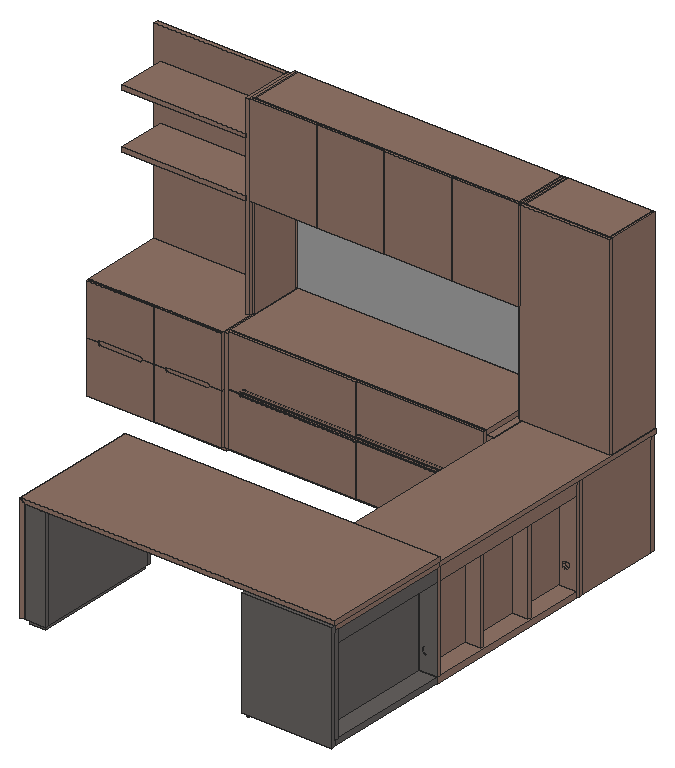
Revit family "T100046", category Furniture, Revit 2022 (continued)
Definition of nested family "OFS SLATE OVERLAY WORK TABLE HEIGHT ADJUSTABLE"
  Types (12): name | Width | Type | Right | Left | Description | Model | Depth
    OVERLAY WORK TABLE HEIGHT ADJUSTABLE 72W x 36D Right | 6' - 0" | 2 | yes | no | "OFS CAROLINA SLATE Overlay Worktable height adjustable 72w x 36d Right" | "CA-A7236WKHAR-2" | 3' - 0"
    OVERLAY WORK TABLE HEIGHT ADJUSTABLE 72W x 30D Right | 6' - 0" | 2 | yes | no | "OFS CAROLINA SLATE Overlay Worktable height adjustable 72w x 30d Right" | "CA-A7230WKHAR-2" | 2' - 6"
    OVERLAY WORK TABLE HEIGHT ADJUSTABLE 66W x 30D Right | 5' - 6" | 2 | yes | no | "OFS CAROLINA SLATE Overlay Worktable height adjustable 66w x 30d Right" | "CA-A6630WKHAR-2" | 2' - 6"
    OVERLAY WORK TABLE HEIGHT ADJUSTABLE 60W x 30D Right | 5' - 0" | 2 | yes | no | "OFS CAROLINA SLATE Overlay Worktable height adjustable 60w x 30d Right" | "CA-A6030WKHAR-2" | 2' - 6"
    OVERLAY WORK TABLE HEIGHT ADJUSTABLE 84W x 36D Left | 7' - 0" | 1 | no | yes | "OFS CAROLINA SLATE Overlay Worktable height adjustable 84w x 36d Left" | "CA-A8436WKHAL-2" | 3' - 0"
    OVERLAY WORK TABLE HEIGHT ADJUSTABLE 78W x 36D Left | 6' - 6" | 1 | no | yes | "OFS CAROLINA SLATE Overlay Worktable height adjustable 78w x 36d Left" | "CA-A7836WKHAL-2" | 3' - 0"
    OVERLAY WORK TABLE HEIGHT ADJUSTABLE 72W x 36D Left | 6' - 0" | 1 | no | yes | "OFS CAROLINA SLATE Overlay Worktable height adjustable 72w x 36d Left" | "CA-A7236WKHAL-2" | 3' - 0"
    OVERLAY WORK TABLE HEIGHT ADJUSTABLE 72W x 30D Left | 6' - 0" | 1 | no | yes | "OFS CAROLINA SLATE Overlay Worktable height adjustable 72w x 30d Left" | "CA-A7230WKHAL-2" | 2' - 6"
    OVERLAY WORK TABLE HEIGHT ADJUSTABLE 66W x 30D Left | 5' - 6" | 1 | no | yes | "OFS CAROLINA SLATE Overlay Worktable height adjustable 66w x 30d Left" | "CA-A6630WKHAL-2" | 2' - 6"
    OVERLAY WORK TABLE HEIGHT ADJUSTABLE 60W x 30D Left | 5' - 0" | 1 | no | yes | "OFS CAROLINA SLATE Overlay Worktable height adjustable 60w x 30d Left" | "CA-A6030WKHAL-2" | 2' - 6"
  Reference planes (in)
    plane 1 "Center (Front/Back)": y = 0
    plane 2: z = 0
    plane 3 "Center (Left/Right)": x = 0
    plane 4 "rrr": through (-2.45771, -5.50063, 16.56517) normal (0.0223, 0.0194, 0.9996)
    plane 5: y = -1.1875
    plane 6 "Front Face": y = -30
    plane 7: x = -66
    plane 8: x = 66
    plane 9: x = -33
    plane 10: x = 33
    plane 11: z = 30.3875
    plane 12 "Base 2": z = 1.7
    plane 13 "Base 1": z = 0.45
    plane 14 "Left Side Base L": x = -61.9375
    plane 15 "Right Side Base R": x = 61.9375
    plane 16 "RLO": x = -2.5
    plane 17 "LLO": x = 2.5
    plane 18 "RLI": x = -22.5
    plane 19 "LLI": x = 22.5
    plane 20: z = 29.2
    plane 21: x = -59.0625
    plane 22: x = 59.0625
    plane 23: y = -29.1875
    plane 24: y = -1.9375
  Forms (in)
    Extrusion 1, solid, material <- "Worksurface", visible <- "Left"
      sketch origin (0, -30, 0) x (1, 0, 0) y (0, 0, 1)
        loop
          line (-64.8125, 29.2) -> (-65.78722, 30.17472)
          arc (-65.78722, 30.17472) -> (-65.92305, 30.20173) -> (-66, 30.08658) r 0.12464
          line (-66, 30.08658) -> (-66, 1.7) -> (-64.8125, 1.7) -> (-64.8125, 29.2)
      from 0 to -28.8125
    Extrusion 2, solid, material <- "Panel", visible <- "Left"
      sketch origin (0, 0, 1.7) x (-1, 0, 0) y (0, -1, 0)
        loop
          line (64.8125, 1.1875) -> (64.8125, 1.9375) -> (59.0625, 1.9375) -> (59.0625, 1.1875) -> (64.8125, 1.1875)
        loop
          line (64.8125, 29.9375) -> (59.0625, 29.9375) -> (59.0625, 29.1875) -> (64.8125, 29.1875) -> (64.8125, 29.9375)
      from 0 to 27.5
    Extrusion 3, solid, material <- "Panel", visible <- "Left"
      sketch origin (0, 0, 1.7) x (-1, 0, 0) y (0, -1, 0)
        loop
          line (59.8125, 1.9375) -> (59.8125, 29.1875) -> (59.0625, 29.1875) -> (59.0625, 1.9375) -> (59.8125, 1.9375)
        loop
          line (64.0625, 1.9375) -> (64.8125, 1.9375) -> (64.8125, 29.1875) -> (64.0625, 29.1875) -> (64.0625, 1.9375)
      from 0 to 27.5
    Extrusion 4, solid, material <- "Panel", visible <- "Left"
      sketch origin (0, 0, 0.45) x (-1, 0, 0) y (0, -1, 0)
        loop
          line (64.0625, 1.9375) -> (64.0625, 29.1875) -> (59.8125, 29.1875) -> (59.8125, 1.9375) -> (64.0625, 1.9375)
      from 0 to 1.25
    Revolve 5, solid, material <- "Feet", visible <- "Left"
      sketch origin (-61.9375, 0, 0) x (0, -1, 0) y (0, 0, 1)
        loop
          line (28.21262, 0.45) -> (27.92395, 0.45) -> (27.92395, 0) -> (28.16895, 0)
          arc (28.16895, 0) -> (28.29705, 0.10784) -> (28.21262, 0.25244) r 0.13
          line (28.21262, 0.25244) -> (28.21262, 0.45)
        axis (27.92395, 0) -> (27.92395, 0.45)
      angle from 0 to 360
    Revolve 6, solid, material <- "Feet", visible <- "Left"
      sketch origin (-61.9375, 0, 0) x (0, -1, 0) y (0, 0, 1)
        loop
          line (3.20105, 0) -> (3.44605, 0)
          arc (3.44605, 0) -> (3.57415, 0.10784) -> (3.48973, 0.25244) r 0.13
          line (3.48973, 0.25244) -> (3.48973, 0.45) -> (3.20105, 0.45) -> (3.20105, 0)
        axis (3.20105, 0) -> (3.20105, 0.45)
      angle from 0 to 360
    Extrusion 7, solid, material <- "Panel", visible <- "Left"
      sketch origin (0, 0, 0.45) x (-1, 0, 0) y (0, -1, 0)
        loop
          line (24, 0) -> (24, 1.1875) -> (0, 1.1875) -> (0, 0) -> (24, 0)
      from 0 to 28.75
    Extrusion 8, solid, material <- "Worksurface", visible <- "Left"
      sketch origin (0, -30, 0) x (1, 0, 0) y (0, 0, 1)
        loop
          line (-24, 29.2) -> (-24, 28.0125) -> (0, 28.0125) -> (0, 29.2) -> (-24, 29.2)
      from 0 to -28.8125
    Extrusion 9, solid, material <- "Worksurface", visible <- "Left"
      sketch origin (0, -30, 0) x (1, 0, 0) y (0, 0, 1)
        loop
          line (0, 30.3875) -> (-65.69771, 30.3875)
          arc (-65.69771, 30.3875) -> (-65.8134, 30.3102) -> (-65.78625, 30.17375) r 0.12521
          line (-65.78625, 30.17375) -> (-64.8125, 29.2) -> (0, 29.2) -> (0, 30.3875)
      from 0 to -28.8125
    Revolve 10, solid, material <- "Feet", visible <- "Left"
      sketch origin (-22.5, 0, 0) x (0, -1, 0) y (0, 0, 1)
        loop
          line (0.59375, 0) -> (0.83875, 0)
          arc (0.83875, 0) -> (0.96685, 0.10784) -> (0.88243, 0.25244) r 0.13
          line (0.88243, 0.25244) -> (0.88243, 0.45) -> (0.59375, 0.45) -> (0.59375, 0)
        axis (0.59375, 0) -> (0.59375, 0.45)
      angle from 0 to 360
    Revolve 11, solid, material <- "Feet", visible <- "Left"
      sketch origin (-2.5, 1.45549, 0) x (0, -1, 0) y (0, 0, 1)
        loop
          line (4.16929, 0) -> (4.41429, 0)
          arc (4.41429, 0) -> (4.54239, 0.10784) -> (4.45797, 0.25244) r 0.13
          line (4.45797, 0.25244) -> (4.45797, 0.45) -> (4.16929, 0.45) -> (4.16929, 0)
        axis (4.16929, 0) -> (4.16929, 0.45)
      angle from 0 to 360
    Revolve 12, solid, material <- "Feet", visible <- "Left"
      sketch origin (-2.5, 4.13067, 0) x (0, -1, 0) y (0, 0, 1)
        loop
          line (32.89304, 0.45) -> (32.60436, 0.45) -> (32.60436, 0) -> (32.84936, 0)
          arc (32.84936, 0) -> (32.97746, 0.10784) -> (32.89304, 0.25244) r 0.13
          line (32.89304, 0.25244) -> (32.89304, 0.45)
        axis (32.60436, 0) -> (32.60436, 0.45)
      angle from 0 to 360
    Extrusion 13, solid, material <- "Panel", visible <- "Left"
      sketch origin (0, 0, 1.7) x (-1, 0, 0) y (0, -1, 0)
        loop
          line (5, 1.9375) -> (0, 1.9375) -> (0, 1.1875) -> (5, 1.1875) -> (5, 1.9375)
        loop
          line (5, 29.25) -> (5, 30) -> (0, 30) -> (0, 29.25) -> (5, 29.25)
      from 0.25 to 26.3125
    Extrusion 14, solid, material <- "Panel", visible <- "Left"
      sketch origin (0, -30, 0) x (1, 0, 0) y (0, 0, 1)
        loop
          line (-5.74928, 27.26248) -> (-5.74928, 1.7) -> (-5, 1.7) -> (-5, 27.26248) -> (-5.74928, 27.26248)
      from -0.0625 to -28.8125
    Extrusion 15, solid, material <- "Panel", visible <- "Left"
      sketch origin (0, -30, 0) x (1, 0, 0) y (0, 0, 1)
        loop
          line (-0.75, 28.0125) -> (-0.75, 24.7625) -> (0, 24.7625) -> (0, 28.0125) -> (-0.75, 28.0125)
      from -0.75 to -28.0625
    Extrusion 16, solid, material <- "Panel", visible <- "Left"
      sketch origin (0, 0, 0.45) x (-1, 0, 0) y (0, -1, 0)
        loop
          line (5, 1.1875) -> (5, 30) -> (0, 30) -> (0, 1.1875) -> (5, 1.1875)
      from 0 to 1.5
    Revolve 17, solid, material <- "Feet", visible <- "Right"
      sketch origin (61.9375, 0, 0) x (0, -1, 0) y (0, 0, 1)
        loop
          line (28.21262, 0.45) -> (27.92395, 0.45) -> (27.92395, 0) -> (28.16895, 0)
          arc (28.16895, 0) -> (28.29705, 0.10784) -> (28.21262, 0.25244) r 0.13
          line (28.21262, 0.25244) -> (28.21262, 0.45)
        axis (27.92395, 0) -> (27.92395, 0.45)
      angle from 0 to 360
    Revolve 18, solid, material <- "Feet", visible <- "Right"
      sketch origin (61.9375, 0, 0) x (0, -1, 0) y (0, 0, 1)
        loop
          line (3.20105, 0) -> (3.44605, 0)
          arc (3.44605, 0) -> (3.57415, 0.10784) -> (3.48973, 0.25244) r 0.13
          line (3.48973, 0.25244) -> (3.48973, 0.45) -> (3.20105, 0.45) -> (3.20105, 0)
        axis (3.20105, 0) -> (3.20105, 0.45)
      angle from 0 to 360
    Revolve 19, solid, material <- "Feet", visible <- "Right"
      sketch origin (22.5, 0, 0) x (0, -1, 0) y (0, 0, 1)
        loop
          line (0.59375, 0) -> (0.83875, 0)
          arc (0.83875, 0) -> (0.96685, 0.10784) -> (0.88243, 0.25244) r 0.13
          line (0.88243, 0.25244) -> (0.88243, 0.45) -> (0.59375, 0.45) -> (0.59375, 0)
        axis (0.59375, 0) -> (0.59375, 0.45)
      angle from 0 to 360
    Extrusion 20, solid, material <- "Worksurface", visible <- "Right"
      sketch origin (0, -30, 0) x (-1, 0, 0) y (0, 0, -1)
        loop
          line (-64.8125, -29.2) -> (-64.8125, -1.7) -> (-66, -1.7) -> (-66, -30.08658)
          arc (-66, -30.08658) -> (-65.92305, -30.20173) -> (-65.78722, -30.17472) r 0.12464
          line (-65.78722, -30.17472) -> (-64.8125, -29.2)
      from 0 to -28.8125
    Revolve 21, solid, material <- "Feet", visible <- "Right"
      sketch origin (2.5, 0, 0) x (0, 1, 0) y (0, 0, 1)
        loop
          line (-2.71381, 0) -> (-2.71381, 0.45) -> (-3.00248, 0.45) -> (-3.00248, 0.25244)
          arc (-3.00248, 0.25244) -> (-3.0869, 0.10784) -> (-2.95881, 0) r 0.13
          line (-2.95881, 0) -> (-2.71381, 0)
        axis (-2.71381, 0) -> (-2.71381, 0.45)
      angle from 0 to 360
    Revolve 22, solid, material <- "Feet", visible <- "Right"
      sketch origin (2.5, 0, 0) x (0, 1, 0) y (0, 0, 1)
        loop
          line (-28.76237, 0.45) -> (-28.76237, 0.25244)
          arc (-28.76237, 0.25244) -> (-28.84679, 0.10784) -> (-28.71869, 0) r 0.13
          line (-28.71869, 0) -> (-28.47369, 0) -> (-28.47369, 0.45) -> (-28.76237, 0.45)
        axis (-28.47369, 0) -> (-28.47369, 0.45)
      angle from 0 to 360
    Extrusion 23, solid, material <- "Panel", visible <- "Right"
      sketch origin (0, 0, 0.45) x (1, 0, 0) y (0, 1, 0)
        loop
          line (24, 0) -> (0, 0) -> (0, -1.1875) -> (24, -1.1875) -> (24, 0)
      from 0 to 28.75
    Extrusion 24, solid, material <- "Panel", visible <- "Right"
      sketch origin (0, -30, 0) x (-1, 0, 0) y (0, 0, -1)
        loop
          line (-0.75, -28.0125) -> (0, -28.0125) -> (0, -24.7625) -> (-0.75, -24.7625) -> (-0.75, -28.0125)
      from -0.75 to -28.0625
    Extrusion 25, solid, material <- "Panel", visible <- "Right"
      sketch origin (0, -30, 0) x (-1, 0, 0) y (0, 0, -1)
        loop
          line (-5.74928, -27.26248) -> (-5, -27.26248) -> (-5, -1.7) -> (-5.74928, -1.7) -> (-5.74928, -27.26248)
      from -0.0625 to -28.8125
    Extrusion 26, solid, material <- "Worksurface", visible <- "Right"
      sketch origin (0, -30, 0) x (-1, 0, 0) y (0, 0, -1)
        loop
          line (-24, -29.2) -> (0, -29.2) -> (0, -28.0125) -> (-24, -28.0125) -> (-24, -29.2)
      from 0 to -28.8125
    Extrusion 27, solid, material <- "Panel", visible <- "Right"
      sketch origin (0, 0, 1.7) x (1, 0, 0) y (0, 1, 0)
        loop
          line (5, -1.9375) -> (5, -1.1875) -> (0, -1.1875) -> (0, -1.9375) -> (5, -1.9375)
        loop
          line (5, -29.25) -> (0, -29.25) -> (0, -30) -> (5, -30) -> (5, -29.25)
      from 0.25 to 26.3125
    Extrusion 28, solid, material <- "Panel", visible <- "Right"
      sketch origin (0, 0, 1.7) x (1, 0, 0) y (0, 1, 0)
        loop
          line (59.8125, -1.9375) -> (59.0625, -1.9375) -> (59.0625, -29.1875) -> (59.8125, -29.1875) -> (59.8125, -1.9375)
        loop
          line (64.0625, -1.9375) -> (64.0625, -29.1875) -> (64.8125, -29.1875) -> (64.8125, -1.9375) -> (64.0625, -1.9375)
      from 0 to 27.5
    Extrusion 29, solid, material <- "Panel", visible <- "Right"
      sketch origin (0, 0, 1.7) x (1, 0, 0) y (0, 1, 0)
        loop
          line (64.8125, -1.1875) -> (59.0625, -1.1875) -> (59.0625, -1.9375) -> (64.8125, -1.9375) -> (64.8125, -1.1875)
        loop
          line (64.8125, -29.9375) -> (64.8125, -29.1875) -> (59.0625, -29.1875) -> (59.0625, -29.9375) -> (64.8125, -29.9375)
      from 0 to 27.5
    Extrusion 30, solid, material <- "Worksurface", visible <- "Right"
      sketch origin (0, -30, 0) x (-1, 0, 0) y (0, 0, -1)
        loop
          line (0, -30.3875) -> (0, -29.2) -> (-64.8125, -29.2) -> (-65.78625, -30.17375)
          arc (-65.78625, -30.17375) -> (-65.8134, -30.3102) -> (-65.69771, -30.3875) r 0.12521
          line (-65.69771, -30.3875) -> (0, -30.3875)
      from 0 to -28.8125
    Extrusion 31, solid, material <- "Panel", visible <- "Right"
      sketch origin (0, 0, 0.45) x (1, 0, 0) y (0, 1, 0)
        loop
          line (5, -1.1875) -> (0, -1.1875) -> (0, -30) -> (5, -30) -> (5, -1.1875)
      from 0 to 1.5
    Extrusion 32, solid, material <- "Panel", visible <- "Right"
      sketch origin (0, 0, 0.45) x (1, 0, 0) y (0, 1, 0)
        loop
          line (64.0625, -1.9375) -> (59.8125, -1.9375) -> (59.8125, -29.1875) -> (64.0625, -29.1875) -> (64.0625, -1.9375)
      from 0 to 1.25
  Lines and regions (in)
    Masking region 1, visible <- "Left"
      outline origin (0, 0, 0) x (1, 0, 0) y (0, 1, 0)
        loop
          line (-66, -30) -> (0, -30) -> (0, 0) -> (-24, 0) -> (-24, -1.1875) -> (-66, -1.1875) -> (-66, -30)
    Masking region 2, visible <- "Right"
      outline origin (0, 0, 0) x (0, 1, 0) y (-1, 0, 0)
        loop
          line (-30, -66) -> (-1.1875, -66) -> (-1.1875, -24) -> (0, -24) -> (0, 0) -> (-30, 0) -> (-30, -66)
    symbolic lines, visible <- "Left", detail levels medium+fine
      curve 1: line (-24, -1.1875, 0) -> (0, -1.1875, 0)
    symbolic lines, visible <- "Right", detail levels medium+fine
      curve 2: line (24, -1.1875, 0) -> (0, -1.1875, 0)
  Dimensions and locks (in)
    "Width": plane 7 to plane 3 "Center (Left/Right)"
    equal spacing: plane 7, plane 9, plane 3 "Center (Left/Right)"
    "Width": plane 3 "Center (Left/Right)" to plane 8
    equal spacing: plane 3 "Center (Left/Right)", plane 10, plane 8
    "Depth": plane 6 "Front Face" to plane 1 "Center (Front/Back)"
    locked: plane 6 "Front Face" to plane 23 at 0.8125
    plane 7 to plane 14 "Left Side Base L" to plane 21 = 0' - 4 1/16" locked, 0' - 2 7/8" locked
    plane 22 to plane 15 "Right Side Base R" to plane 8 = 0' - 2 7/8" locked, 0' - 4 1/16" locked
    locked: plane 11 to plane 20 at 1.1875
    locked: plane 20 to Extrusion 8 sketch curve at 1.1875
    locked: plane 20 to Extrusion 26 sketch curve at 1.1875
    aligned and locked: level to plane 2
    aligned and locked: Extrusion 1 sketch curve to plane 7
    aligned and locked: plane 6 "Front Face" to Extrusion 1
    aligned and locked: plane 5 to Extrusion 1
    aligned and locked: Extrusion 2 sketch curve to plane 5
    aligned and locked: Extrusion 2 sketch curve to plane 21
    aligned and locked: plane 21 to Extrusion 2 sketch curve
    aligned and locked: plane 24 to Extrusion 2 sketch curve
    aligned and locked: Extrusion 2 sketch curve to plane 23
    aligned and locked: plane 24 to Extrusion 3 sketch curve
    aligned and locked: Extrusion 3 sketch curve to plane 24
    aligned and locked: Extrusion 3 sketch curve to plane 21
    aligned and locked: plane 23 to Extrusion 3 sketch curve
    aligned and locked: Extrusion 3 sketch curve to plane 23
    aligned and locked: Extrusion 2 to plane 12 "Base 2"
    aligned and locked: plane 20 to Extrusion 2
    aligned and locked: Extrusion 3 to plane 12 "Base 2"
    aligned and locked: plane 20 to Extrusion 3
    aligned and locked: Extrusion 4 sketch curve to plane 24
    aligned and locked: Extrusion 4 sketch curve to plane 23
    aligned and locked: plane 12 "Base 2" to Extrusion 4
    aligned and locked: Extrusion 4 to plane 13 "Base 1"
    aligned and locked: Revolve 6 sketch curve to plane 13 "Base 1"
    aligned and locked: plane 2 to Revolve 6 sketch curve
    aligned and locked: plane 5 to Extrusion 7 sketch curve
    aligned and locked: plane 1 "Center (Front/Back)" to Extrusion 7 sketch curve
    aligned and locked: Extrusion 7 sketch curve to plane 3 "Center (Left/Right)"
    aligned and locked: Extrusion 7 to plane 13 "Base 1"
    aligned and locked: Extrusion 8 sketch curve to plane 3 "Center (Left/Right)"
    aligned and locked: Extrusion 8 sketch curve to plane 20
    aligned and locked: Extrusion 8 to plane 6 "Front Face"
    aligned and locked: plane 5 to Extrusion 8
    aligned and locked: Extrusion 9 sketch curve to plane 3 "Center (Left/Right)"
    aligned and locked: Extrusion 9 to plane 6 "Front Face"
    aligned and locked: plane 5 to Extrusion 9
    aligned and locked: Revolve 11 sketch curve to plane 13 "Base 1"
    aligned and locked: plane 2 to Revolve 11 sketch curve
    aligned and locked: plane 13 "Base 1" to Revolve 12 sketch curve
    aligned and locked: Revolve 12 sketch curve to plane 2
    aligned and locked: Extrusion 13 sketch curve to plane 3 "Center (Left/Right)"
    aligned and locked: Extrusion 13 sketch curve to plane 6 "Front Face"
    aligned and locked: Extrusion 13 sketch curve to plane 24
    aligned and locked: plane 3 "Center (Left/Right)" to Extrusion 13 sketch curve
    aligned and locked: plane 5 to Extrusion 13 sketch curve
    aligned and locked: plane 12 "Base 2" to Extrusion 14 sketch curve
    aligned and locked: plane 5 to Extrusion 14
    aligned and locked: Extrusion 15 sketch curve to plane 3 "Center (Left/Right)"
    aligned and locked: plane 24 to Extrusion 15
    aligned and locked: Extrusion 16 sketch curve to plane 5
    aligned and locked: Extrusion 16 sketch curve to plane 3 "Center (Left/Right)"
    aligned and locked: Extrusion 16 sketch curve to plane 6 "Front Face"
    aligned and locked: Extrusion 16 to plane 13 "Base 1"
    aligned and locked: plane 7 to Masking region 1 sketch curve
    aligned and locked: plane 6 "Front Face" to Masking region 1 sketch curve
    aligned and locked: plane 3 "Center (Left/Right)" to Masking region 1 sketch curve
    aligned and locked: plane 5 to Masking region 1 sketch curve
    aligned and locked: Masking region 1 sketch curve to plane 1 "Center (Front/Back)"
    aligned and locked: Masking region 1 sketch curve to Extrusion 7
    aligned and locked: Extrusion 7 to curve 1
    aligned and locked: plane 3 "Center (Left/Right)" to curve 1
    aligned and locked: curve 1 to plane 5
    aligned and locked: nested 1 to plane 6 "Front Face"
    aligned and locked: plane 9 to nested 1
    aligned and locked: plane 3 "Center (Left/Right)" to Masking region 2 sketch curve
    aligned and locked: Masking region 2 sketch curve to plane 6 "Front Face"
    aligned and locked: Masking region 2 sketch curve to plane 8
    aligned and locked: Masking region 2 sketch curve to plane 5
    aligned and locked: plane 1 "Center (Front/Back)" to Masking region 2 sketch curve
    aligned and locked: plane 8 to Extrusion 20 sketch curve
    aligned and locked: plane 12 "Base 2" to Extrusion 20 sketch curve
    aligned and locked: plane 20 to Extrusion 20 sketch curve
    aligned and locked: plane 6 "Front Face" to Extrusion 20
    aligned and locked: plane 5 to Extrusion 20
    aligned and locked: Extrusion 23 sketch curve to plane 3 "Center (Left/Right)"
    aligned and locked: Extrusion 23 sketch curve to plane 5
    aligned and locked: Extrusion 23 sketch curve to plane 1 "Center (Front/Back)"
    aligned and locked: plane 24 to Extrusion 24
    aligned and locked: Extrusion 24 to Extrusion 13
    aligned and locked: Extrusion 15 to Extrusion 13
    aligned and locked: plane 5 to Extrusion 25
    aligned and locked: Extrusion 14 to Extrusion 25
    aligned and locked: plane 5 to Extrusion 26
    aligned and locked: plane 6 "Front Face" to Extrusion 26
    aligned and locked: Extrusion 26 to Extrusion 23
    aligned and locked: plane 3 "Center (Left/Right)" to Extrusion 27 sketch curve
    aligned and locked: Extrusion 27 sketch curve to Extrusion 25  (x2)
    aligned and locked: Extrusion 27 sketch curve to plane 5
    aligned and locked: plane 24 to Extrusion 27 sketch curve
    aligned and locked: Extrusion 27 sketch curve to plane 3 "Center (Left/Right)"
    aligned and locked: plane 6 "Front Face" to Extrusion 27 sketch curve
    aligned and locked: Extrusion 28 sketch curve to plane 24
    aligned and locked: plane 24 to Extrusion 28 sketch curve
    aligned and locked: plane 22 to Extrusion 28 sketch curve
    aligned and locked: Extrusion 20 to Extrusion 28 sketch curve
    aligned and locked: plane 23 to Extrusion 28 sketch curve
    aligned and locked: Extrusion 28 sketch curve to plane 23
    aligned and locked: plane 5 to Extrusion 29 sketch curve
    aligned and locked: Extrusion 29 sketch curve to plane 24
    aligned and locked: plane 23 to Extrusion 29 sketch curve
    aligned and locked: Extrusion 29 sketch curve to Extrusion 28
    aligned and locked: Extrusion 29 sketch curve to plane 22
    aligned and locked: plane 22 to Extrusion 29 sketch curve
    aligned and locked: plane 5 to Extrusion 30
    aligned and locked: plane 6 "Front Face" to Extrusion 30
    aligned and locked: Extrusion 30 sketch curve to plane 3 "Center (Left/Right)"
    aligned and locked: plane 11 to Extrusion 30 sketch curve
    aligned and locked: plane 20 to Extrusion 30 sketch curve
    aligned and locked: Extrusion 9 to plane 11
    aligned and locked: Extrusion 9 to plane 20
    aligned and locked: Extrusion 9 to Extrusion 1
    aligned and locked: Extrusion 13 to Extrusion 8
    aligned and locked: Extrusion 27 to Extrusion 26
    aligned and locked: plane 20 to Extrusion 29
    aligned and locked: plane 20 to Extrusion 28
    aligned and locked: Extrusion 9 sketch curve to plane 11
    aligned and locked: plane 20 to Extrusion 8
    aligned and locked: plane 20 to Extrusion 9 sketch curve
    aligned and locked: plane 20 to Extrusion 7
    aligned and locked: plane 20 to Extrusion 23
    aligned and locked: plane 5 to Extrusion 31 sketch curve
    aligned and locked: plane 6 "Front Face" to Extrusion 31 sketch curve
    aligned and locked: Extrusion 31 sketch curve to plane 3 "Center (Left/Right)"
    aligned and locked: plane 24 to Extrusion 32 sketch curve
    aligned and locked: plane 23 to Extrusion 32 sketch curve
    aligned and locked: plane 12 "Base 2" to Extrusion 32
    aligned and locked: plane 10 to nested 2
    aligned and locked: plane 6 "Front Face" to nested 2
    aligned and locked: Extrusion 23 to plane 5
    aligned and locked: curve 2 to Extrusion 23
    aligned and locked: Extrusion 23 to plane 1 "Center (Front/Back)"
    aligned and locked: plane 5 to Masking region 2
    aligned and locked: plane 6 "Front Face" to Masking region 2
    aligned and locked: Extrusion 30 to plane 3 "Center (Left/Right)"
  Automatic sketch dimensions
    Extrusion 3 sketch curve to plane 21 = 0' - 0 3/4"
    Extrusion 3 sketch curve to plane 7 = 0' - 1 15/16"
    Extrusion 3 sketch curve to Extrusion 3 sketch curve = 0' - 0 3/4"
    Extrusion 4 sketch curve to plane 21 = 0' - 0 3/4"
    Extrusion 4 sketch curve to plane 7 = 0' - 1 15/16"
    plane 18 "RLI" to Extrusion 7 sketch curve = 0' - 1 1/2"
    plane 18 "RLI" to Extrusion 8 sketch curve = 0' - 1 1/2"
    plane 16 "RLO" to Extrusion 16 sketch curve = 0' - 2 1/2"
    Extrusion 31 sketch curve to plane 17 "LLO" = 0' - 2 1/2"
    plane 22 to Extrusion 32 sketch curve = 0' - 0 3/4"
    plane 8 to Extrusion 32 sketch curve = 0' - 1 15/16"
    Extrusion 1 sketch curve to plane 12 "Base 2" = 0' - 0"
    Extrusion 1 sketch curve to plane 20 = 0' - 0"
    Extrusion 1 sketch curve to Extrusion 1 sketch curve = 0' - 0.12464"
    Extrusion 1 sketch curve to Extrusion 1 sketch curve = 0' - 0.08814"
    Extrusion 1 sketch curve to plane 7 = 0' - 1 3/16"
    plane 11 to Extrusion 1 sketch curve = 0' - 0.30092"
    Extrusion 2 sketch curve to plane 7 = 0' - 1 3/16"  (x2)
    Extrusion 2 sketch curve to plane 6 "Front Face" = 0' - 0 1/16"
    Revolve 5 sketch curve to plane 13 "Base 1" = 0' - 0"  (x2)
    Revolve 5 sketch curve to level = 0' - 0"  (x2)
    Revolve 5 sketch curve to plane 23 = 0' - 1.26355"
    level to Revolve 5 sketch curve = 0' - 0.13"
    Revolve 5 sketch curve to Revolve 5 sketch curve = 0' - 0.245"
    Revolve 5 sketch curve to Revolve 5 sketch curve = 0' - 0.28868"
    Revolve 5 sketch curve to Revolve 5 sketch curve = 0' - 0"
    Revolve 6 sketch curve to level = 0' - 0"
    Revolve 6 sketch curve to plane 13 "Base 1" = 0' - 0"
    Revolve 6 sketch curve to plane 24 = 0' - 1.26355"
    level to Revolve 6 sketch curve = 0' - 0.13"
    Revolve 6 sketch curve to Revolve 6 sketch curve = 0' - 0.245"
    Revolve 6 sketch curve to Revolve 6 sketch curve = 0' - 0.28868"
    Revolve 6 sketch curve to Revolve 6 sketch curve = 0' - 0"
    Extrusion 9 sketch curve to plane 7 = 0' - 1 3/16"
    Extrusion 9 sketch curve to plane 7 = 0' - 0.30229"
    Extrusion 9 sketch curve to Extrusion 9 sketch curve = 0' - 0.08854"
    plane 11 to Extrusion 9 sketch curve = 0' - 0.21375"
    Revolve 10 sketch curve to level = 0' - 0"  (x2)
    Revolve 10 sketch curve to plane 13 "Base 1" = 0' - 0"  (x2)
    plane 1 "Center (Front/Back)" to Revolve 10 sketch curve = 0' - 0 19/32"
    level to Revolve 10 sketch curve = 0' - 0.13"
    Revolve 10 sketch curve to Revolve 10 sketch curve = 0' - 0.245"
    Revolve 10 sketch curve to Revolve 10 sketch curve = 0' - 0.28868"
    Revolve 10 sketch curve to Revolve 10 sketch curve = 0' - 0"
    Revolve 11 sketch curve to level = 0' - 0"
    Revolve 11 sketch curve to plane 13 "Base 1" = 0' - 0"
    Revolve 11 sketch curve to plane 24 = 0' - 0.77631"
    level to Revolve 11 sketch curve = 0' - 0.13"
    Revolve 11 sketch curve to Revolve 11 sketch curve = 0' - 0.245"
    Revolve 11 sketch curve to Revolve 11 sketch curve = 0' - 0.28868"
    Revolve 11 sketch curve to Revolve 11 sketch curve = 0' - 0"
    Revolve 12 sketch curve to plane 13 "Base 1" = 0' - 0"
    Revolve 12 sketch curve to level = 0' - 0"
    Revolve 12 sketch curve to plane 23 = 0' - 0.71381"
    level to Revolve 12 sketch curve = 0' - 0.13"
    Revolve 12 sketch curve to Revolve 12 sketch curve = 0' - 0.245"
    Revolve 12 sketch curve to Revolve 12 sketch curve = 0' - 0.28868"
    Revolve 12 sketch curve to Revolve 12 sketch curve = 0' - 0"
    plane 16 "RLO" to Extrusion 13 sketch curve = 0' - 2 1/2"  (x2)
    plane 23 to Extrusion 13 sketch curve = 0' - 0 1/16"
    plane 16 "RLO" to Extrusion 14 sketch curve = 0' - 3.24928"
    Extrusion 14 sketch curve to Extrusion 14 sketch curve = 0' - 0.74928"
    Extrusion 14 sketch curve to plane 20 = 0' - 1.93752"
    Extrusion 15 sketch curve to plane 3 "Center (Left/Right)" = 0' - 0 3/4"
    Extrusion 15 sketch curve to plane 20 = 0' - 4 7/16"
    Extrusion 15 sketch curve to plane 20 = 0' - 1 3/16"
    Revolve 17 sketch curve to plane 13 "Base 1" = 0' - 0"  (x2)
    Revolve 17 sketch curve to level = 0' - 0"  (x2)
    plane 23 to Revolve 17 sketch curve = 0' - 1.26355"
    Revolve 17 sketch curve to level = 0' - 0.13"
    Revolve 17 sketch curve to Revolve 17 sketch curve = 0' - 0.245"
    Revolve 17 sketch curve to Revolve 17 sketch curve = 0' - 0.28868"
    Revolve 17 sketch curve to Revolve 17 sketch curve = 0' - 0"
    Revolve 18 sketch curve to level = 0' - 0"  (x2)
    Revolve 18 sketch curve to plane 13 "Base 1" = 0' - 0"  (x2)
    plane 24 to Revolve 18 sketch curve = 0' - 1.26355"
    Revolve 18 sketch curve to level = 0' - 0.13"
    Revolve 18 sketch curve to Revolve 18 sketch curve = 0' - 0.245"
    Revolve 18 sketch curve to Revolve 18 sketch curve = 0' - 0.28868"
    Revolve 18 sketch curve to Revolve 18 sketch curve = 0' - 0"
    Revolve 19 sketch curve to level = 0' - 0"  (x2)
    Revolve 19 sketch curve to plane 13 "Base 1" = 0' - 0"  (x2)
    plane 1 "Center (Front/Back)" to Revolve 19 sketch curve = 0' - 0 19/32"
    level to Revolve 19 sketch curve = 0' - 0.13"
    Revolve 19 sketch curve to Revolve 19 sketch curve = 0' - 0.245"
    Revolve 19 sketch curve to Revolve 19 sketch curve = 0' - 0.28868"
    Revolve 19 sketch curve to Revolve 19 sketch curve = 0' - 0"
    Masking region 2 sketch curve to plane 19 "LLI" = 0' - 1 1/2"
    Extrusion 20 sketch curve to Extrusion 20 sketch curve = 0' - 0.12464"
    Extrusion 20 sketch curve to Extrusion 20 sketch curve = 0' - 0.08814"
    Extrusion 20 sketch curve to Extrusion 20 sketch curve = 0' - 1 3/16"
    Extrusion 20 sketch curve to plane 11 = 0' - 0.30092"
    Revolve 21 sketch curve to plane 13 "Base 1" = 0' - 0"  (x2)
    Revolve 21 sketch curve to level = 0' - 0"  (x2)
    Revolve 21 sketch curve to plane 24 = 0' - 1.06498"
    Revolve 21 sketch curve to Revolve 21 sketch curve = 0' - 0.04367"
    Revolve 21 sketch curve to Revolve 21 sketch curve = 0' - 0.28868"
    Revolve 21 sketch curve to Revolve 21 sketch curve = 0' - 0.13"
    Revolve 21 sketch curve to Revolve 21 sketch curve = 0' - 0"
    Revolve 22 sketch curve to plane 13 "Base 1" = 0' - 0"  (x2)
    Revolve 22 sketch curve to level = 0' - 0"  (x2)
    Revolve 22 sketch curve to plane 23 = 0' - 0.42513"
    Revolve 22 sketch curve to Revolve 22 sketch curve = 0' - 0.04368"
    Revolve 22 sketch curve to Revolve 22 sketch curve = 0' - 0.245"
    level to Revolve 22 sketch curve = 0' - 0.13"
    Revolve 22 sketch curve to Revolve 22 sketch curve = 0' - 0"
    plane 19 "LLI" to Extrusion 23 sketch curve = 0' - 1 1/2"
    Extrusion 24 sketch curve to plane 3 "Center (Left/Right)" = 0' - 0"
    Extrusion 24 sketch curve to plane 3 "Center (Left/Right)" = 0' - 0 3/4"
    plane 20 to Extrusion 24 sketch curve = 0' - 4 7/16"
    plane 20 to Extrusion 24 sketch curve = 0' - 1 3/16"
    Extrusion 25 sketch curve to plane 12 "Base 2" = 0' - 0"
    Extrusion 25 sketch curve to plane 17 "LLO" = 0' - 3.24928"
    Extrusion 25 sketch curve to Extrusion 25 sketch curve = 0' - 0.74928"
    plane 20 to Extrusion 25 sketch curve = 0' - 1.93752"
    Extrusion 26 sketch curve to plane 20 = 0' - 0"
    Extrusion 26 sketch curve to plane 3 "Center (Left/Right)" = 0' - 0"
    plane 19 "LLI" to Extrusion 26 sketch curve = 0' - 1 1/2"
    Extrusion 27 sketch curve to plane 23 = 0' - 0 1/16"
    Extrusion 28 sketch curve to Extrusion 28 sketch curve = 0' - 0 3/4"  (x2)
    plane 8 to Extrusion 29 sketch curve = 0' - 1 3/16"
    plane 6 "Front Face" to Extrusion 29 sketch curve = 0' - 0 1/16"
    plane 8 to Extrusion 30 sketch curve = 0' - 1 3/16"
    plane 8 to Extrusion 30 sketch curve = 0' - 0.30229"
    Extrusion 30 sketch curve to Extrusion 30 sketch curve = 0' - 0.08854"
    Extrusion 30 sketch curve to plane 11 = 0' - 0.21375"
  Nested families (in)
    nested 1: "Tag" at (-33, -30, 0) x (-1, 0, 0) z (0, 0, 1), visible <- "Left", type "Center", detail levels fine
      with Offset (LR) 0' - 0", Distance of Center (not Change) 0' - 0.11"
    nested 2: "Tag" at (33, -30, 0), visible <- "Right", type "Center", detail levels fine
      with Offset (LR) 0' - 0", Distance of Center (not Change) 0' - 0.11"
  Definition of nested family "Tag"
    Parameters
      P_Width = 0' - 0"
      Text_Width = "Empty"
      Text_Height = "Empty"
      Text_Diameter = "Empty"
      Text_Depth = "Empty"
      Offset (LR) [instance] = 0' - 0"
      Model Name = "EK-7168-E"
      P_Height = 0' - 0"
      Distance of Center (not Change) = 0' - 0"
      P_Diameter = 0' - 0"
      P_Depth = 0' - 0"
    Reference planes (in)
      plane 1: y = 0
      plane 2: x = 0
    Lines and regions (in)
      reference lines
        curve 1: line (-0.44359, 0, 0) -> (0.41085, 0, 0)
        curve 3: line (0, 0.32564, 0) -> (0, -0.40221, 0)
      reference lines, not visible
        curve 2: line (-0.44359, 0.09843, 0) -> (0.41085, 0.09843, 0)
        curve 4: line (0, 0.42407, 0) -> (0, -0.30379, 0)
    Text (in)
      label "Empty" at (0.00197, -0.0079, 0), shows "Model Name"
      label "Empty" at (0.00197, 0.09052, 0), shows "Model Name", not visible
    Dimensions and locks (in)
      "Distance of Center (not Change)": plane 1 to curve 1
      "Offset (LR)": curve 3 to plane 2
    Automatic sketch dimensions
      curve 1 to curve 3 = 0' - 0.44359"
      curve 3 to curve 1 = 0' - 0.41085"
      curve 3 to curve 1 = 0' - 0.40221"
      curve 1 to curve 3 = 0' - 0.32564"
      curve 2 to curve 4 = 0' - 0.44359"
      curve 4 to curve 2 = 0' - 0.41085"
      curve 4 to curve 2 = 0' - 0.40221"
      curve 2 to curve 4 = 0' - 0.32564"
Definition of nested family "OFS_Slate Private Office_Worksurface_Storage_Cabinet"
  Parameters (values of type "OFS_Slate Private Office_Worksurface_Storage_Cabinet")
    Width = 1' - 6"
    URL = "http://www.ofsbrands.com/"
    Top [instance] = none
    Single Door = yes
    Right = no
    Panel [instance] = none
    Model = "Type Catalog"
    Manufacturer = "OFS BRANDS"  # constant formula
    Left = yes
    Height = 3' - 4"
    Elevation [instance] = 2' - 5 1/4"
    Door [instance] = none
    Double Doors = no
    Doors = or(Double Doors, Left)  # yes
    Description = "Type Catalog"
    Depth = 1' - 3"
    Default Elevation = 0' - 0"
    Copyright © = "© 2016 OFS BRANDS"  # constant formula
    Catalog = "OFS"  # constant formula
    Case [instance] = none
    Base [instance] = none
    Back [instance] = none
    Authoring Version = "Autodesk Revit Architecture 2014"  # constant formula
    Assembly Code = "E2020200"
  Reference planes (in)
    plane 1 "Center (Front/Back)": y = 0
    plane 2: z = 0
    plane 3 "Center (Left/Right)": x = 0
    plane 4: x = 18
    plane 5: x = 9
    plane 6: z = 29.3125
    plane 7: z = 29.25
    plane 8: z = 68.6875
    plane 9: z = 30
    plane 10: z = 68.75
    plane 11: z = 68
    plane 12: z = 69.25
  Dimensions and locks (in)
    "Width": plane 3 "Center (Left/Right)" to plane 4
    equal spacing: plane 3 "Center (Left/Right)", plane 5, plane 4
    plane 12 to plane 10 to plane 8 to plane 11 = 0' - 0 1/2" locked, 0' - 0 1/16" locked, 0' - 0 11/16" locked
    plane 9 to plane 6 to plane 7 = 0' - 0 11/16" locked, 0' - 0 1/16" locked
    "Height": plane 12 to plane 7
    "Elevation": plane 7 to level
    equal spacing: nested 2, nested 4, plane 3 "Center (Left/Right)"
    aligned and locked: level to plane 2
    aligned and locked: nested 3 to nested 1
    aligned and locked: plane 5 to nested 3
    aligned and locked: nested 4 to nested 3
  Nested families (in)
    nested 1: "OFS_Slate Private Office_Worksurface_Storage_Cabinet" at (0, 0, 0), visible <- "Doors", Top <- "Top", Panel <- "Panel", Drawers <- "Door", Case <- "Case", Base <- "Base", Back <- "Back", Elevation <- "Elevation", Double Doors <- "Double Doors", Left <- "Left", type "OFS_Slate Private Office_Worksurface_Storage_Cabinet"
      with Top none, Single Door yes, Right no, Panel none, Left yes, Elevation 2' - 5 1/4", Drawers none, Double Doors no, Case none, Base none, Back none
    nested 2: "OFS_Slate Private Office_Worksurface_Storage_Cabinet" at (0, 0, 0) x (-1, 0, 0) z (0, 0, 1), visible <- "Right", Top <- "Top", Panel <- "Panel", Drawers <- "Door", Case <- "Case", Base <- "Base", Back <- "Back", Elevation <- "Elevation", type "OFS_Slate Private Office_Worksurface_Storage_Cabinet"
      with Top none, Single Door yes, Right no, Panel none, Left yes, Elevation 2' - 5 1/4", Drawers none, Double Doors no, Case none, Base none, Back none
    nested 3: "Tag" at (9, -18, 0) x (-1, 0, 0) z (0, 0, 1), visible <- "Doors", type "Center", detail levels fine
      with Offset (LR) 0' - 0"
    nested 4: "Tag" at (-9, -18, 0), visible <- "Right", type "Center", detail levels fine
      with Offset (LR) 0' - 0"
  Definition of nested family "OFS_Slate Private Office_Worksurface_Storage_Cabinet"
    Parameters
      Width = 1' - 6"
      URL = "http://www.ofsbrands.com/"
      Top [instance] = none
      Single Door [instance] = yes
      Right [instance] = no
      Panel [instance] = none
      Model = "Type Catalog"
      Manufacturer = "OFS BRANDS"  # constant formula
      Left [instance] = yes
      Height = 3' - 4"
      Elevation [instance] = 2' - 5 1/4"
      Drawers [instance] = none
      Double Doors [instance] = no
      Description = "Type Catalog"
      Depth = 1' - 3"
      Default Elevation = 0' - 0"
      Copyright © = "© 2016 OFS BRANDS"  # constant formula
      Catalog = "OFS"  # constant formula
      Case [instance] = none
      Base [instance] = none
      Back [instance] = none
      Authoring Version = "Autodesk Revit Architecture 2014"  # constant formula
      Assembly Code = "E2020200"
    Reference planes (in)
      plane 1 "Center (Front/Back)": y = 0
      plane 2: z = 0
      plane 3 "Center (Left/Right)": x = 0
      plane 4: x = 0.75
      plane 5: x = 17.25
      plane 6: x = 18
      plane 7: x = 17.9375
      plane 8: x = 0.0625
      plane 9: x = 9
      plane 10: y = -0.75
      plane 11: y = -18
      plane 12: y = -15.10681
      plane 13: y = -14.35681
      plane 14: y = -14.25
      plane 15: z = 29.3125
      plane 16: z = 29.25
      plane 17: z = 68.6875
      plane 18: z = 30
      plane 19: z = 68.75
      plane 20: z = 68
      plane 21: z = 69.25
      plane 22: y = -15
    Forms (in)
      Extrusion 1, solid, material <- "Case"
        sketch origin (0, 0, 0) x (1, 0, 0) y (0, 0, 1)
          loop
            line (0, 68.75) -> (0, 29.25) -> (0.75, 29.25) -> (0.75, 68.75) -> (0, 68.75)
          loop
            line (17.25, 68.75) -> (17.25, 29.25) -> (18, 29.25) -> (18, 68.75) -> (17.25, 68.75)
        from 0 to 14.25
      Extrusion 2, solid, material <- "Drawers", visible <- "Double Doors"
        sketch origin (-3.04745, -15.10681, 47.24409) x (-1, 0, 0) y (0, 0, 1)
          loop
            line (-11.98495, 21.44341) -> (-11.98495, -17.9316) -> (-3.10995, -17.9316) -> (-3.10995, 21.44341) -> (-11.98495, 21.44341)
          loop
            line (-12.10995, 21.44341) -> (-20.98495, 21.44341) -> (-20.98495, -17.9316) -> (-12.10995, -17.9316) -> (-12.10995, 21.44341)
        from 0 to 0.75
      Extrusion 3, solid, material <- "Drawers", visible <- "Single Door"
        sketch origin (-3.04745, -15.10681, 47.24409) x (-1, 0, 0) y (0, 0, 1)
          loop
            line (-3.10995, 21.44341) -> (-20.98495, 21.44341) -> (-20.98495, -17.9316) -> (-3.10995, -17.9316) -> (-3.10995, 21.44341)
        from 0 to 0.75
      Extrusion 4, solid, material <- "Back"
        sketch origin (59.59592, -60, 29.25) x (0, -1, 0) y (-1, 0, 0)
          loop
            line (-60, 58.84592) -> (-60, 42.34592) -> (-59.25, 42.34592) -> (-59.25, 58.84592) -> (-60, 58.84592)
        from 0 to -38.75
      Extrusion 5, solid, material <- "Top"
        sketch origin (-3.04745, -14.25, 47.24409) x (-1, 0, 0) y (0, 0, 1)
          loop
            line (-3.79745, 20.7559) -> (-3.79745, 21.5059) -> (-20.29745, 21.5059) -> (-20.29745, 20.7559) -> (-3.79745, 20.7559)
        from 0 to 14.25
      Extrusion 6, solid, material <- "Base"
        sketch origin (-3.04745, -14.25, 47.24409) x (-1, 0, 0) y (0, 0, 1)
          loop
            line (-3.79745, -17.24409) -> (-20.29745, -17.24409) -> (-20.29745, -17.99409) -> (-3.79745, -17.99409) -> (-3.79745, -17.24409)
        from 0 to 13.5
    Lines and regions (in)
      Masking region 1
        outline origin (-58.79662, -60, 68.75) x (-1, 0, 0) y (0, -1, 0)
          loop
            line (-58.79662, -60) -> (-58.79662, -44.89319) -> (-76.79662, -44.89319) -> (-76.79662, -60) -> (-58.79662, -60)
      symbolic lines, visible <- "Left", detail levels medium+fine
        curve 1: line (0, -15.10681, 68.75) -> (18, -18, 68.75)
        curve 3: line (18, -18, 68.75) -> (18, -15.10681, 68.75)
      symbolic lines, detail levels medium+fine
        curve 2: line (18, -15.10681, 68.75) -> (0, -15.10681, 68.75)
      symbolic lines, visible <- "Right", detail levels medium+fine
        curve 4: line (0, -18, 68.75) -> (18, -15.10681, 68.75)
        curve 5: line (0, -15.10681, 68.75) -> (0, -18, 68.75)
      symbolic lines, visible <- "Double Doors", detail levels medium+fine
        curve 6: line (0, -15.10681, 68.75) -> (9, -18, 68.75)
        curve 7: line (18, -15.10681, 68.75) -> (9, -18, 68.75)
    Dimensions and locks (in)
      locked: plane 10 to plane 1 "Center (Front/Back)" at 0.75
      plane 14 to plane 13 to plane 22 to plane 12 to plane 11 = 0' - 0.10681" locked, 0' - 0.64319" locked, 0' - 0.10681" locked, 0' - 2.89319" locked
      plane 3 "Center (Left/Right)" to plane 8 to plane 4 = 0' - 0 1/16" locked, 0' - 0 11/16" locked
      plane 5 to plane 7 to plane 6 = 0' - 0 11/16" locked, 0' - 0 1/16" locked
      "Width": plane 3 "Center (Left/Right)" to plane 6
      equal spacing: plane 3 "Center (Left/Right)", plane 9, plane 6
      plane 21 to plane 19 to plane 17 to plane 20 = 0' - 0 1/2" locked, 0' - 0 1/16" locked, 0' - 0 11/16" locked
      plane 18 to plane 15 to plane 16 = 0' - 0 11/16" locked, 0' - 0 1/16" locked
      "Height": plane 21 to plane 16
      "Elevation": plane 16 to level
      Extrusion 2 sketch curve to plane 9 to Extrusion 2 sketch curve = 0' - 0 1/16" locked, 0' - 0 1/16" locked
      "Depth": plane 1 "Center (Front/Back)" to plane 22
      aligned and locked: level to plane 2
      aligned and locked: Extrusion 1 sketch curve to plane 19  (x2)
      aligned and locked: plane 3 "Center (Left/Right)" to Extrusion 1 sketch curve
      aligned and locked: Extrusion 1 sketch curve to plane 16  (x2)
      aligned and locked: Extrusion 1 sketch curve to plane 4
      aligned and locked: Extrusion 1 sketch curve to plane 5
      aligned and locked: Extrusion 1 sketch curve to plane 6
      aligned and locked: Extrusion 1 to plane 14
      aligned and locked: Extrusion 2 sketch curve to plane 17
      aligned and locked: plane 15 to Extrusion 2 sketch curve
      aligned and locked: plane 17 to Extrusion 2 sketch curve
      aligned and locked: Extrusion 2 sketch curve to plane 15
      aligned and locked: Extrusion 2 sketch curve to plane 7
      aligned and locked: Extrusion 3 sketch curve to Extrusion 2  (x3)
      aligned and locked: Extrusion 3 sketch curve to plane 17
      aligned and locked: Extrusion 2 to plane 13
      aligned and locked: Extrusion 4 sketch curve to Extrusion 1
      aligned and locked: Extrusion 1 to Extrusion 4 sketch curve
      aligned and locked: plane 10 to Extrusion 4 sketch curve
      aligned and locked: plane 5 to Extrusion 4 sketch curve
      aligned and locked: Extrusion 4 to plane 20
      aligned and locked: Extrusion 5 sketch curve to Extrusion 4  (x2)
      aligned and locked: Extrusion 1 to Extrusion 5 sketch curve  (x2)
      aligned and locked: Extrusion 6 sketch curve to plane 18
      aligned and locked: Extrusion 6 sketch curve to plane 4
      aligned and locked: Extrusion 6 sketch curve to Extrusion 4
      aligned and locked: Extrusion 6 sketch curve to Extrusion 1
      aligned and locked: plane 10 to Extrusion 6
      aligned and locked: Extrusion 5 to plane 1 "Center (Front/Back)"
      aligned and locked: Extrusion 5 to plane 14
      aligned and locked: Masking region 1 sketch curve to Extrusion 1  (x3)
      aligned and locked: plane 12 to Masking region 1 sketch curve
      aligned and locked: plane 12 to curve 1
      aligned and locked: plane 11 to curve 1
      aligned and locked: curve 3 to plane 6
      aligned and locked: plane 12 to curve 4
      aligned and locked: curve 4 to plane 3 "Center (Left/Right)"
      aligned and locked: plane 11 to curve 4
      aligned and locked: Extrusion 3 to plane 13
      aligned and locked: curve 6 to plane 9
      aligned and locked: plane 3 "Center (Left/Right)" to curve 6
      aligned and locked: plane 6 to curve 7
    Automatic sketch dimensions
      Extrusion 2 sketch curve to plane 8 = 0' - 0"
      plane 11 to curve 6 = 0' - 0"
  Definition of nested family "Tag"
    Parameters
      P_Width = 0' - 0"
      Text_Width = "Empty"
      Text_Height = "Empty"
      Text_Diameter = "Empty"
      Text_Depth = "Empty"
      Offset (LR) [instance] = 0' - 0"
      Model Name = "Type Catalog"
      P_Height = 0' - 0"
      Distance of Center (not Change) = 0' - 0.1"
      P_Diameter = 0' - 0"
      P_Depth = 0' - 0"
    Reference planes (in)
      plane 1: y = 0
      plane 2: x = 0
    Lines and regions (in)
      reference lines
        curve 1: line (-0.44359, 0.1, 0) -> (0.41085, 0.1, 0)
        curve 3: line (0, 0.42564, 0) -> (0, -0.30221, 0)
      reference lines, not visible
        curve 2: line (-0.44359, 0.09843, 0) -> (0.41085, 0.09843, 0)
        curve 4: line (0, 0.42407, 0) -> (0, -0.30379, 0)
    Text (in)
      label "Empty" at (0.00197, 0.0921, 0), shows "Model Name"
      label "Empty" at (0.00197, 0.09052, 0), shows "Model Name", not visible
    Dimensions and locks (in)
      "Distance of Center (not Change)": plane 1 to curve 1
      "Offset (LR)": curve 3 to plane 2
    Automatic sketch dimensions
      curve 1 to curve 3 = 0' - 0.44359"
      curve 3 to curve 1 = 0' - 0.41085"
      curve 3 to curve 1 = 0' - 0.40221"
      curve 1 to curve 3 = 0' - 0.32564"
      curve 2 to curve 4 = 0' - 0.44359"
      curve 4 to curve 2 = 0' - 0.41085"
      curve 4 to curve 2 = 0' - 0.40221"
      curve 2 to curve 4 = 0' - 0.32564"
Definition of nested family "OFS_Slate Private Office_Storage_Modular_Cabinet"
  Parameters (values of type "OFS_Slate Private Office_Storage_Modular_Cabinet")
    Width = 2' - 6"
    URL = "http://www.ofsbrands.com/"
    Description = "Type Catalog"
    Model = "Type Catalog"
    Manufacturer = "OFS BRANDS"  # constant formula
    Default Elevation = 0' - 0"
    Copyright © = "© 2016 OFS BRANDS"  # constant formula
    Catalog = "OFS"  # constant formula
    Authoring Version = "Autodesk Revit Architecture 2014"  # constant formula
    Assembly Code = "E2020200"
    Top Cabinet [instance] = none
  Reference planes (in)
    plane 1 "Center (Front/Back)": y = 0
    plane 2: z = 0
    plane 3 "Center (Left/Right)": x = 0
    plane 4 "rrr": through (-2.45771, -5.50063, 16.56517) normal (0.0223, 0.0194, 0.9996)
    plane 5: x = 30
    plane 6: y = -24
    plane 7: z = 29.25
    plane 8: z = 28.0625
    plane 9: x = 15
  Forms (in)
    Extrusion 1, solid, material <- "Top Cabinet"
      sketch origin (0, 0, 0) x (0, 1, 0) y (0, 0, 1)
        loop
          line (0, 29.25) -> (-24, 29.25) -> (-24, 28.0625) -> (0, 28.0625) -> (0, 29.25)
      from 0 to 30
  Lines and regions (in)
    Masking region 1
      outline origin (0, 0, 0) x (1, 0, 0) y (0, 1, 0)
        loop
          line (0, 0) -> (0, -24) -> (30, -24) -> (30, 0) -> (0, 0)
  Dimensions and locks (in)
    "Width": plane 3 "Center (Left/Right)" to plane 5
    locked: plane 7 to plane 8 at 1.1875
    equal spacing: plane 3 "Center (Left/Right)", plane 9, plane 5
    aligned and locked: level to plane 2
    aligned and locked: plane 7 to Extrusion 1 sketch curve
    aligned and locked: Extrusion 1 sketch curve to plane 6
    aligned and locked: plane 1 "Center (Front/Back)" to Extrusion 1 sketch curve
    aligned and locked: Extrusion 1 sketch curve to plane 8
    aligned and locked: Extrusion 1 to plane 3 "Center (Left/Right)"
    aligned and locked: Extrusion 1 to plane 5
    aligned and locked: plane 5 to Masking region 1 sketch curve
    aligned and locked: plane 1 "Center (Front/Back)" to Masking region 1 sketch curve
    aligned and locked: Masking region 1 sketch curve to plane 6
    aligned and locked: plane 3 "Center (Left/Right)" to Masking region 1 sketch curve
    aligned and locked: nested 1 to plane 6
    aligned and locked: nested 1 to plane 9
  Nested families (in)
    nested 1: "Tag" at (15, -24, 0) x (-1, 0, 0) z (0, 0, 1), type "Center", detail levels fine
      with Offset (LR) 0' - 0", Distance of Center (not Change) 0' - 0.11"
  Definition of nested family "Tag"
    Parameters
      P_Width = 0' - 0"
      Text_Width = "Empty"
      Text_Height = "Empty"
      Text_Diameter = "Empty"
      Text_Depth = "Empty"
      Offset (LR) [instance] = 0' - 0"
      Model Name = "EK-7168-E"
      P_Height = 0' - 0"
      Distance of Center (not Change) = 0' - 0"
      P_Diameter = 0' - 0"
      P_Depth = 0' - 0"
    Reference planes (in)
      plane 1: y = 0
      plane 2: x = 0
    Lines and regions (in)
      reference lines
        curve 1: line (-0.44359, 0, 0) -> (0.41085, 0, 0)
        curve 3: line (0, 0.32564, 0) -> (0, -0.40221, 0)
      reference lines, not visible
        curve 2: line (-0.44359, 0.09843, 0) -> (0.41085, 0.09843, 0)
        curve 4: line (0, 0.42407, 0) -> (0, -0.30379, 0)
    Text (in)
      label "Empty" at (0.00197, -0.0079, 0), shows "Model Name"
      label "Empty" at (0.00197, 0.09052, 0), shows "Model Name", not visible
    Dimensions and locks (in)
      "Distance of Center (not Change)": plane 1 to curve 1
      "Offset (LR)": curve 3 to plane 2
    Automatic sketch dimensions
      curve 1 to curve 3 = 0' - 0.44359"
      curve 3 to curve 1 = 0' - 0.41085"
      curve 3 to curve 1 = 0' - 0.40221"
      curve 1 to curve 3 = 0' - 0.32564"
      curve 2 to curve 4 = 0' - 0.44359"
      curve 4 to curve 2 = 0' - 0.41085"
      curve 4 to curve 2 = 0' - 0.40221"
      curve 2 to curve 4 = 0' - 0.32564"
Definition of nested family "OFS_Slate Private Office_HighBack_Organizer"
  Parameters (values of type "OFS_Slate Private Office_HighBack_Organizer")
    Show Doors [instance] = yes
    Width = 5' - 0"
    URL = "http://www.ofsbrands.com/"
    Top [instance] = none
    Default Elevation = 0' - 0"
    Base Panel [instance] = none
    Panel [instance] = none
    Model = "Type Catalog"
    Manufacturer = "OFS BRANDS"  # constant formula
    Length 2 = if(Width > 7' 0", Length 1, Width / 2)  # 2' - 6"
    Length 1 = if(Width > 7' 0", (Width / 3) / 2, 0' 0")  # 0' - 0"
    High = 1
    Height 1 = if(and(High = 1, Height = 3' 4"), 1' 7", if(and(High = 1.5, Height = 4' 4"), 2' 1", if(and(High = 2, Height = 4' 4"), 2' 7", 2' 1")))  # 1' - 7"
    Height = 3' - 4"
    Elevation [instance] = 2' - 5 1/4"
    Doors [instance] = none
    Description = "Type Catalog"
    Copyright © = "© 2016 OFS BRANDS"  # constant formula
    Center Doors [instance] = and(Show Doors, Width > 7' 0")  # no
    Catalog = "OFS"  # constant formula
    Base [instance] = none
    Back [instance] = none
    Authoring Version = "Autodesk Revit Architecture 2014"  # constant formula
    Assembly Code = "E2020200"
  Reference planes (in)
    plane 1 "Center (Front/Back)": y = 0
    plane 2: z = 0
    plane 3 "Center (Left/Right)": x = 0
    plane 4: x = 60
    plane 5: y = -14.25
    plane 6: x = 30
    plane 7: z = 29.25
    plane 8: z = 68.75
    plane 9: z = 68
    plane 10: z = 51.4375
    plane 11: z = 50.25
    plane 12: z = 29.75
    plane 13: z = 69.25
    plane 14: x = 30
    plane 15: x = 30
    plane 16: x = 15
    plane 17: x = 45
  Forms (in)
    Extrusion 1, solid, material <- "Panel"
      sketch origin (30, -0.75, 47.24409) x (0, 1, 0) y (0, 0, 1)
        loop
          line (0, 20.7559) -> (-13.5, 20.7559) -> (-13.5, 4.19341) -> (0, 4.19341) -> (0, 20.7559)
      from -0.375 to 0.375
    Extrusion 2, solid, material <- "Panel"
      sketch origin (30, -0.75, 47.24409) x (0, 1, 0) y (0, 0, -1)
        loop
          line (0, -20.7559) -> (0, -4.19341) -> (-13.5, -4.19341) -> (-13.5, -20.7559) -> (0, -20.7559)
      from -0.375 to 0.375
    Extrusion 3, solid, material <- "Panel"
      sketch origin (0, 0, 0) x (1, 0, 0) y (0, 0, 1)
        loop
          line (0, 68.75) -> (0, 29.25) -> (0.75, 29.25) -> (0.75, 68.75) -> (0, 68.75)
        loop
          line (60, 68.75) -> (59.25, 68.75) -> (59.25, 29.25) -> (60, 29.25) -> (60, 68.75)
      from 0 to 14.25
    Extrusion 4, solid, material <- "Back"
      sketch origin (0.75, 0, 68.75) x (0, 0, -1) y (0, 1, 0)
        loop
          line (0.75, 0) -> (0.75, -0.75) -> (39, -0.75) -> (39, 0) -> (0.75, 0)
      from 0 to 58.5
    Extrusion 5, solid, material <- "Base Panel"
      sketch origin (0.75, 0, 68.75) x (0, 0, -1) y (0, 1, 0)
        loop
          line (17.3125, -0.75) -> (17.3125, -14.25) -> (18.5, -14.25) -> (18.5, -0.75) -> (17.3125, -0.75)
      from 0 to 58.5
    Extrusion 6, solid, material <- "Top"
      sketch origin (0.75, 0, 68.75) x (0, 0, -1) y (0, 1, 0)
        loop
          line (0, 0) -> (0, -14.25) -> (0.75, -14.25) -> (0.75, 0) -> (0, 0)
      from 0 to 58.5
    Extrusion 7, solid, material <- "Doors", visible <- "Show Doors"
      sketch origin (-3.76383, -14.25, 47.24409) x (-1, 0, 0) y (0, 0, 1)
        loop
          line (-3.88883, 21.5059) -> (-18.69883, 21.5059) -> (-18.69883, 3.00591) -> (-3.88883, 3.00591) -> (-3.88883, 21.5059)
        loop
          line (-63.63883, 21.5059) -> (-63.63883, 3.00591) -> (-48.82883, 3.00591) -> (-48.82883, 21.5059) -> (-63.63883, 21.5059)
      from 0 to -0.74845
    Extrusion 8, solid, material <- "Doors", visible <- "Show Doors"
      sketch origin (-3.76383, -14.25, 47.24409) x (-1, 0, 0) y (0, 0, 1)
        loop
          line (-33.63883, 21.5059) -> (-33.63883, 3.00591) -> (-18.82883, 3.00591) -> (-18.82883, 21.5059) -> (-33.63883, 21.5059)
        loop
          line (-33.88883, 21.5059) -> (-48.69883, 21.5059) -> (-48.69883, 3.00591) -> (-33.88883, 3.00591) -> (-33.88883, 21.5059)
      from 0 to -0.74845
    Extrusion 9, solid, material <- "Doors", visible <- "Center Doors"
      sketch origin (-3.76383, -14.25, 47.24409) x (-1, 0, 0) y (0, 0, 1)
        loop
          line (-33.69883, 21.5059) -> (-33.69883, 3.00591) -> (-3.76383, 3.00591) -> (-3.76383, 21.5059) -> (-33.69883, 21.5059)
        loop
          line (-33.82883, 21.5059) -> (-63.76383, 21.5059) -> (-63.76383, 3.00591) -> (-33.82883, 3.00591) -> (-33.82883, 21.5059)
      from 0 to -0.74845
  Lines and regions (in)
    Masking region 1
      outline origin (69.63251, -60, 68.75) x (0, -1, 0) y (1, 0, 0)
        loop
          line (-60, -69.63251) -> (-45.75, -69.63251) -> (-45.75, -9.63251) -> (-60, -9.63251) -> (-60, -69.63251)
  Dimensions and locks (in)
    "Width": plane 3 "Center (Left/Right)" to plane 4
    equal spacing: plane 3 "Center (Left/Right)", plane 6, plane 4
    plane 1 "Center (Front/Back)" to plane 5 = 1' - 2 1/4"
    "Height": plane 13 to plane 7
    plane 13 to plane 8 to plane 9 = 0' - 0 1/2" locked, 0' - 0 3/4" locked
    locked: plane 10 to plane 11 at 1.1875
    locked: plane 12 to plane 7 at 0.5
    "Height 1": plane 13 to plane 11
    "Length 1": plane 14 to plane 6
    "Elevation": plane 7 to level
    "Length 1": plane 15 to plane 6
    locked: Extrusion 3 sketch curve to plane 3 "Center (Left/Right)" at 0.75
    locked: plane 4 to Extrusion 3 sketch curve at 0.75
    locked: Extrusion 7 sketch curve to plane 3 "Center (Left/Right)" at 0.125
    locked: Extrusion 7 sketch curve to plane 16 at 0.065
    locked: Extrusion 7 sketch curve to plane 17 at 0.065
    locked: plane 4 to Extrusion 7 sketch curve at 0.125
    equal spacing: plane 3 "Center (Left/Right)", plane 16, plane 14
    equal spacing: plane 15, plane 17, plane 4
    locked: plane 16 to Extrusion 8 sketch curve at 0.065
    locked: plane 14 to Extrusion 8 sketch curve at 0.125
    locked: plane 15 to Extrusion 8 sketch curve at 0.125
    locked: plane 17 to Extrusion 8 sketch curve at 0.065
    Extrusion 9 sketch curve to plane 6 to Extrusion 9 sketch curve = 0' - 0.065" locked, 0' - 0.065" locked
    "Length 2": Extrusion 9 sketch curve to plane 6
    "Length 2": plane 6 to Extrusion 9 sketch curve
    aligned and locked: level to plane 2
    aligned and locked: plane 6 to nested 1
    aligned and locked: nested 1 to plane 5
    aligned and locked: plane 5 to Extrusion 1 sketch curve
    aligned and locked: Extrusion 1 sketch curve to plane 10
    aligned and locked: Extrusion 1 sketch curve to plane 9
    aligned and locked: Extrusion 2 sketch curve to plane 9
    aligned and locked: Extrusion 2 sketch curve to plane 10
    aligned and locked: plane 5 to Extrusion 2 sketch curve
    aligned and locked: plane 3 "Center (Left/Right)" to Extrusion 3 sketch curve
    aligned and locked: plane 8 to Extrusion 3 sketch curve
    aligned and locked: plane 7 to Extrusion 3 sketch curve
    aligned and locked: Extrusion 3 sketch curve to plane 7
    aligned and locked: plane 4 to Extrusion 3 sketch curve
    aligned and locked: Extrusion 3 sketch curve to plane 8
    aligned and locked: Extrusion 3 to plane 5
    aligned and locked: Extrusion 4 sketch curve to plane 12
    aligned and locked: Extrusion 4 sketch curve to plane 9
    aligned and locked: Extrusion 4 to Extrusion 3
    aligned and locked: plane 10 to Extrusion 5 sketch curve
    aligned and locked: plane 11 to Extrusion 5 sketch curve
    aligned and locked: Extrusion 5 to Extrusion 3
    aligned and locked: plane 9 to Extrusion 6 sketch curve
    aligned and locked: plane 8 to Extrusion 6 sketch curve
    aligned and locked: Extrusion 6 to Extrusion 3
    aligned and locked: Masking region 1 sketch curve to Extrusion 3  (x4)
    aligned and locked: plane 11 to Extrusion 7 sketch curve
    aligned and locked: plane 8 to Extrusion 7 sketch curve
    aligned and locked: Extrusion 7 sketch curve to plane 11
    aligned and locked: Extrusion 7 sketch curve to plane 8
    aligned and locked: plane 8 to Extrusion 8 sketch curve
    aligned and locked: plane 11 to Extrusion 8 sketch curve
    aligned and locked: Extrusion 8 sketch curve to plane 11
    aligned and locked: Extrusion 8 sketch curve to plane 8
    aligned and locked: plane 8 to Extrusion 9 sketch curve
    aligned and locked: Extrusion 9 sketch curve to plane 8
    aligned and locked: plane 11 to Extrusion 9 sketch curve
